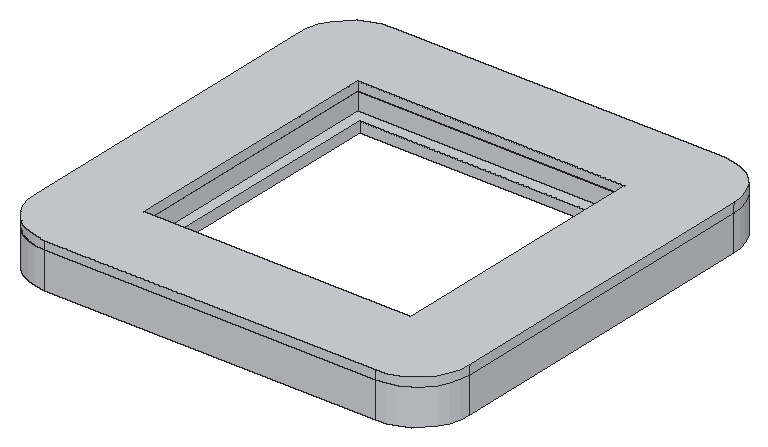
Revit family "Gira_0211422", category Electrical Fixtures, host Face, Revit 2017
Family settings
  Host = Face
  Maintain Annotation Orientation = No
  Round Connector Dimension = Use Diameter
  Part Type = Normal
  Cut with Voids When Loaded = No
  Shared = No
  Room Calculation Point = No
Parameters (values of type "Abdeckrahmen 1f Gira E3 Grau/Anthrazit")
  Werkstoffgüte = "sonstige"
  Werkstoff = "sonstige"
  URL = "http://katalog.gira.de/de_DE/datenblatt.html?artikelnr=0211422"
  Transparent = "No"
  Textfeld/Beschriftungsfläche = "No"
  Schutzart (IP) = "IP20"
  Region = "DE"
  Oberfläche = "sonstige"
  Name = "Abdeckrahmen 1f Gira E3 Grau/Anthrazit"
  Montagerichtung = "horizontal und vertikal"
  Mit Montagerahmen = "No"
  Mit Klappdeckel = "No"
  Manufacturer URL = "https://www.gira.de/"
  Keynote = "E3_Rahmen_1fach"
  HeinzeBIM = "https://bimportal.heinze.de/bim/abdeckrahmen-1f-gira-e3-grau-anthrazit/0b09eb1248de9a9172622032e92c065d8c95728e"
  Halogenfrei = "No"
  HAN = "0211422"
  Geeignet für Unterputz-Installation = "Yes"
  Geeignet für Unterflurkanaldose = "No"
  Geeignet für Geräteeinbaukanal = "No"
  Geeignet für Einbauinstallation = "No"
  GTIN = "4010337023951"
  Farbe = "grau"
  Default Elevation = 1219.2 mm
  Data sheet (1) = "https://katalog.gira.de/de_DE/download.html?artikelnr=0211422"
  Category = "Abdeckrahmen"
  Befestigungsart = "Klemmbefestigung"
  Available = "Yes"
  Anzahl der Einheiten vertikal = "1 "
  Anzahl der Einheiten horizontal = "1 "
  Anzahl der Einheiten = "1 "
Reference planes
  plane 1 "Center (Front/Back)": y = 0
  plane 2: z = 0
  plane 3 "Center (Left/Right)": x = 0
Forms (mm)
  Extrusion 1, solid, detail levels fine
    sketch origin (0, 0, 0) x (1, 0, 0) y (0, 1, 0)
      loop
        arc (-34.8, 45.809) -> (-42.585, 42.585) -> (-45.809, 34.8) r 11.009
        line (-45.809, 34.8) -> (-45.809, -34.8)
        arc (-45.809, -34.8) -> (-42.585, -42.585) -> (-34.8, -45.809) r 11.009
        line (-34.8, -45.809) -> (34.8, -45.809)
        arc (34.8, -45.809) -> (42.585, -42.585) -> (45.809, -34.8) r 11.009
        line (45.809, -34.8) -> (45.809, 34.8)
        arc (45.809, 34.8) -> (42.585, 42.585) -> (34.8, 45.809) r 11.009
        line (34.8, 45.809) -> (-34.8, 45.809)
      loop
        line (28.187, 28.156) -> (-28.187, 28.156) -> (-28.187, -28.156) -> (28.187, -28.156) -> (28.187, 28.156)
    from 7.65 to 9.5
  Extrusion 2, solid, detail levels fine
    sketch origin (0, 0, 0) x (1, 0, 0) y (0, 1, 0)
      loop
        line (25.7, 25.7) -> (-25.7, 25.7) -> (-25.7, -25.7) -> (25.7, -25.7) -> (25.7, 25.7)
      loop
        line (-28.187, -28.156) -> (28.187, -28.156) -> (28.187, 28.156) -> (-28.187, 28.156) -> (-28.187, -28.156)
    from 1.65 to 3.9
  Extrusion 3, solid, detail levels fine
    sketch origin (0, 0, 0) x (1, 0, 0) y (0, 1, 0)
      loop
        arc (-34.8, 45.809) -> (-42.585, 42.585) -> (-45.809, 34.8) r 11.009
        line (-45.809, 34.8) -> (-45.809, -34.8)
        arc (-45.809, -34.8) -> (-42.585, -42.585) -> (-34.8, -45.809) r 11.009
        line (-34.8, -45.809) -> (34.8, -45.809)
        arc (34.8, -45.809) -> (42.585, -42.585) -> (45.809, -34.8) r 11.009
        line (45.809, -34.8) -> (45.809, 34.8)
        arc (45.809, 34.8) -> (42.585, 42.585) -> (34.8, 45.809) r 11.009
        line (34.8, 45.809) -> (-34.8, 45.809)
      loop
        line (-43.843, 34.785) -> (-43.843, -34.785)
        arc (-43.843, -34.785) -> (-41.19, -41.19) -> (-34.785, -43.843) r 9.058
        line (-34.785, -43.843) -> (34.785, -43.843)
        arc (34.785, -43.843) -> (41.19, -41.19) -> (43.843, -34.785) r 9.058
        line (43.843, -34.785) -> (43.843, 34.785)
        arc (43.843, 34.785) -> (41.19, 41.19) -> (34.785, 43.843) r 9.058
        line (34.785, 43.843) -> (-34.785, 43.843)
        arc (-34.785, 43.843) -> (-41.19, 41.19) -> (-43.843, 34.785) r 9.058
    from 0 to 7.65
  Extrusion 4, solid, detail levels fine
    sketch origin (0, 0, 0) x (1, 0, 0) y (0, 1, 0)
      loop
        line (-27.337, -31.075) -> (27.337, -31.075)
        arc (27.337, -31.075) -> (29.98, -29.98) -> (31.075, -27.337) r 3.739
        line (31.075, -27.337) -> (31.075, 27.337)
        arc (31.075, 27.337) -> (29.98, 29.98) -> (27.337, 31.075) r 3.739
        line (27.337, 31.075) -> (-27.337, 31.075)
        arc (-27.337, 31.075) -> (-29.98, 29.98) -> (-31.075, 27.337) r 3.739
        line (-31.075, 27.337) -> (-31.075, -27.337)
        arc (-31.075, -27.337) -> (-29.98, -29.98) -> (-27.337, -31.075) r 3.739
      loop
        line (-29.925, 27.537) -> (-29.925, -27.537)
        arc (-29.925, -27.537) -> (-29.226, -29.226) -> (-27.537, -29.925) r 2.389
        line (-27.537, -29.925) -> (27.537, -29.925)
        arc (27.537, -29.925) -> (29.226, -29.226) -> (29.925, -27.537) r 2.389
        line (29.925, -27.537) -> (29.925, 27.537)
        arc (29.925, 27.537) -> (29.226, 29.226) -> (27.537, 29.925) r 2.389
        line (27.537, 29.925) -> (-27.537, 29.925)
        arc (-27.537, 29.925) -> (-29.226, 29.226) -> (-29.925, 27.537) r 2.389
    from 1.65 to 7.65
  Extrusion 5, solid, detail levels fine
    sketch origin (0, 0, 0) x (1, 0, 0) y (0, 1, 0)
      loop
        line (-32.053, -39.8) -> (32.053, -39.8)
        arc (32.053, -39.8) -> (37.667, -36.708) -> (39.9, -30.7) r 9.2
        line (39.9, -30.7) -> (39.9, 30.7)
        arc (39.9, 30.7) -> (37.205, 37.205) -> (30.7, 39.9) r 9.2
        line (30.7, 39.9) -> (-30.7, 39.9)
        arc (-30.7, 39.9) -> (-37.205, 37.205) -> (-39.9, 30.7) r 9.2
        line (-39.9, 30.7) -> (-39.9, -30.7)
        arc (-39.9, -30.7) -> (-37.667, -36.708) -> (-32.053, -39.8) r 9.2
      loop
        line (-30.7, -31.7) -> (30.7, -31.7)
        arc (30.7, -31.7) -> (31.407, -31.407) -> (31.7, -30.7) r 1
        line (31.7, -30.7) -> (31.7, 30.7)
        arc (31.7, 30.7) -> (31.407, 31.407) -> (30.7, 31.7) r 1
        line (30.7, 31.7) -> (-30.7, 31.7)
        arc (-30.7, 31.7) -> (-31.407, 31.407) -> (-31.7, 30.7) r 1
        line (-31.7, 30.7) -> (-31.7, -30.7)
        arc (-31.7, -30.7) -> (-31.407, -31.407) -> (-30.7, -31.7) r 1
    from 1.65 to 3.9
  Extrusion 6, solid, detail levels fine
    sketch origin (0, 0, 0) x (1, 0, 0) y (0, 1, 0)
      loop
        line (-28.187, 28.156) -> (-28.187, -28.156) -> (28.187, -28.156) -> (28.187, 28.156) -> (-28.187, 28.156)
      loop
        line (-29.925, 29.925) -> (-29.925, -29.925) -> (29.925, -29.925) -> (29.925, 29.925) -> (-29.925, 29.925)
    from 1.65 to 7.65
  Extrusion 7, solid, detail levels coarse+medium
    sketch origin (0, 0, 0) x (1, 0, 0) y (0, 1, 0)
      loop
        line (-45.809, 45.809) -> (-45.809, -45.809) -> (45.809, -45.809) -> (45.809, 45.809) -> (-45.809, 45.809)
    from 0 to 9.5
Dimensions and locks
  aligned and locked: plane 2 to host face
  aligned and locked: level to host face
